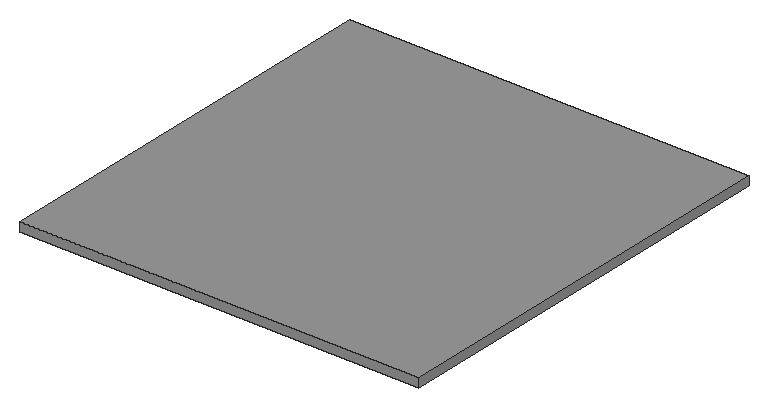
Revit family "ROTHOB_Rothoblaas_Tape_FlexiBandUV", category Structural Connections, host Face, Revit 2020
Family settings
  Host = Face
  Material for Model Behavior = Other
  OmniClass Number = 23.13.23.17
  OmniClass Title = General Purpose Tape
  Enable cutting in views = Yes
  Cut with Voids When Loaded = No
  Shared = No
Parameters (values of type "FLEXI BAND UV")
  WarrantyStartDate [instance] = ""
  WarrantyGuarantorParts = "n/a"  # constant formula
  WarrantyGuarantorLabor = "n/a"  # constant formula
  WarrantyDurationUnit = "n/a"  # constant formula
  WarrantyDurationParts = "n/a"  # constant formula
  WarrantyDurationLabor = "n/a"  # constant formula
  WarrantyDescription = "n/a"  # constant formula
  Version = "1"  # constant formula
  UniClass2015Version = "Products v1.33"  # constant formula
  UniClass2015Title = "Acrylic adhesive sealant tapes"  # constant formula
  UniClass2015Code = "Pr_35_90_87_02"  # constant formula
  Tipo IFC predefinito = "USERDEFINED"  # constant formula
  SustainabilityPerformance = "n/a"  # constant formula
  Size = "n/a"  # constant formula
  ShearAdhesionStrength_Joint_PP_Membrane_24hours = "70,0 N/50 mm"  # constant formula
  Shape = "Bidimensional"  # constant formula
  Revision = "n/a"  # constant formula
  ResistanceTemperature = "-40/+120 °C"  # constant formula
  ReplacementCost = "n/a"  # constant formula
  ObjectMaterial = ROTHOB_Rothoblaas_Polypropylene
  NominalWidth = "n/a"  # constant formula
  NominalHeight = "n/a"  # constant formula
  FrenchVOC_Classification = "A+"  # constant formula
  ExposureWeather = "24 months"  # constant formula
  Default Elevation = 1.2192 m
  ProductInformation = "https://www.rothoblaas.com/products/airtightness-and-waterproofing/tapes-and-sealants/tapes-and-profiles/flexi-band-uv"  # constant formula
  OmniClassVersion = "2012-05-16"  # constant formula
  OmniClassTitle = "General Purpose Tape"  # constant formula
  OmniClassCode = "23.13 23.17"  # constant formula
  NominalLength = "n/a"  # constant formula
  InstallationDate [instance] = ""
  Length_L [instance] = 0.045645 m
  Name = "Tape"  # constant formula
  ModelReference = "n/a"  # constant formula
  ModelNumber = "n/a"  # constant formula
  ModelDisclaimer = "The latest version of the data sheets can be found on our website"  # constant formula
  Material = "Polypropylene"  # constant formula
  ManufacturerURL = "www.rothoblaas.com"  # constant formula
  ManufacturerName = "ROTHO BLAAS SRL"  # constant formula
  Manufacturer = "info@rothoblaas.com"  # constant formula
  IfcExportType = "USERDEFINED"  # constant formula
  IfcExportAs = "IfcBuildingElementProxyType"  # constant formula
  Width_B [instance] = 0.047153 m
  Grade = "n/a"  # constant formula
  Finish = "PP film"  # constant formula
  Features = "n/a"  # constant formula
  ExpectedLife = "n/a"  # constant formula
  Esporta tipo in formato IFC con nome = "IfcBuildingElementProxyType"  # constant formula
  DurationUnit = "Years"  # constant formula
  Description = "Universal single-sided adhesive tape with high UV stability and temperature resistance"  # constant formula
  Constituents = "n/a"  # constant formula
  Color = "Grey and black"  # constant formula
  CodePerformance = "n/a"  # constant formula
  Category = "Pr_35_90_87_02 - Acrylic adhesive sealant tapes"  # constant formula
  BIMObjectName = "ROTHOB_Rothoblaas_Tape_FlexiBandUV"  # constant formula
  Author = "Vitor Ferronato"  # constant formula
  AssetType = "n/a"  # constant formula
  ApplicationTemperature = "> -10 °C"  # constant formula
  AdhesionStrength_Average_PP_Membrane_24hours = "28,0 N/50 mm"  # constant formula
  AdhesionStrengthOSB_90°_10minutes = "5,0 N/10 mm"  # constant formula
  AdhesionStrengthOSB_180°_10minutes = "11 N/10 mm"  # constant formula
  AccessibilityPerformance = "n/a"  # constant formula
Reference planes (m)
  plane 1 "Centro (Fronte/Retro)": y = 0
  plane 2: z = 0
  plane 3 "Centro (Sinistra/Destra)": x = 0
  plane 4: y = 0.023576
  plane 5: y = -0.023576
  plane 6: x = -0.022823
  plane 7: x = 0.022823
Forms (m)
  Extrusion 1, solid, material "ROTHOB_Rothoblaas_Polypropylene" <- "ObjectMaterial"
    sketch origin (0, 0, 0) x (1, 0, 0) y (0, 1, 0)
      loop
        line (-0.022823, 0.023576) -> (-0.022823, -0.023576) -> (0.022823, -0.023576) -> (0.022823, 0.023576) -> (-0.022823, 0.023576)
    from 0 to 0.001
Dimensions and locks (m)
  equal spacing: host sketch curve, plane 3 "Centro (Sinistra/Destra)", host sketch curve
  host sketch curve to host sketch curve = 0.05 m  (x2)
  equal spacing: host sketch curve, plane 1 "Centro (Fronte/Retro)", host sketch curve
  equal spacing: plane 6, plane 3 "Centro (Sinistra/Destra)", plane 7
  "Length_L": plane 6 to plane 7
  equal spacing: plane 4, plane 1 "Centro (Fronte/Retro)", plane 5
  "Width_B": plane 4 to plane 5
  aligned and locked: plane 2 to host face
  aligned and locked: level to host face
  aligned and locked: Extrusion 1 sketch curve to plane 4
  aligned and locked: Extrusion 1 sketch curve to plane 5
  aligned and locked: plane 6 to Extrusion 1 sketch curve
  aligned and locked: plane 7 to Extrusion 1 sketch curve
